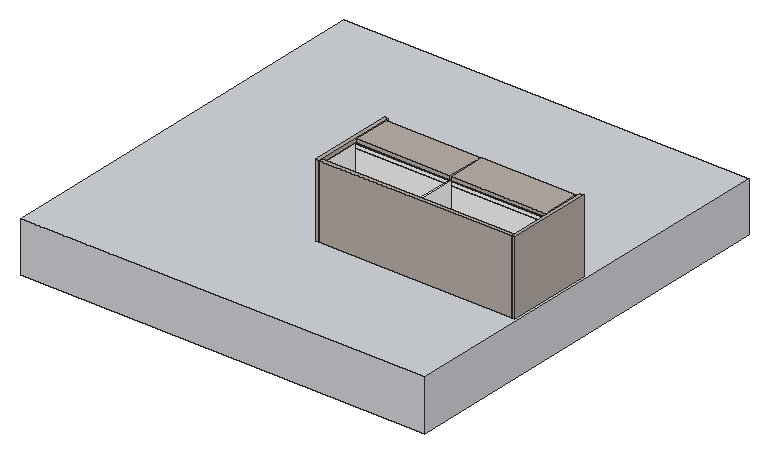
Revit family "IS_ConceptAir_Multiproduct_BIM_GB_E0826;E0827;E0828;E0829", category Plumbing Fixtures, host Face, Revit 2014
Parameters (values of type "E0829PS - 120CM Wall Hung Vanity Unit 2 Drawer with open shelf Wood Light Grey + Matt White")
  WaterEfficientProduct = no
  WarrantyStartDate [instance] = "1900-12-31T23:59:59"
  WarrantyGuarantorParts = "Productinfo@thebluebook.co.uk"
  WarrantyGuarantorLabor = "n/a"
  WarrantyDurationUnit = "year"
  WarrantyDurationParts = "5"
  WarrantyDurationLabor = "n/a"
  WarrantyDescription = "Manufacturers warranty"
  WRAS = no
  WFU = 0
  VolumeUnits = "Litres"
  Version = "1"
  Uniclass2 = "Pr_40_30_78_04"
  URL = "www.idealspec.co.uk"
  TagNumber [instance] = "n/a"
  TMV3 = no
  SustainabilityPerformance = "n/a"
  Style = "n/a"
  SpareParts = "www.fastpart-spares.co.uk"
  Space = "Internal"
  Size = "517 x 440 x 1200 mm"
  Shape = "Rectangular"
  SerialNumber [instance] = "n/a"
  Revision = "n/a"
  ReplacementCost = "n/a"
  ProductInformation = "www.idealspec.co.uk/assets/datasheet/E0829PS"
  Phone = "01482 346461"
  NominalWidth = 1200 mm
  NominalLength = 440 mm
  NominalHeight = 517 mm
  NominalDepth = 440 mm
  NettWeight = "0 Kg"
  Name = "Furniture_ConceptAir_E0829PS_IdealStandard"
  NBSTypeID = "n/a"
  NBSReference = "45-35-72/320"
  NBSOfficeMasterTag = "n/a"
  NBSNote = "n/a"
  NBSDescription = "Bathroom integrated duct work"
  NBSCertification = "n/a"
  ModelReference = Description  # "Concept Air 120 cm Wall Hung Vanity Unit 2 Drawer with open shelf Wood Light Grey + Matt White"
  ModelNumber = Model  # "E0829PS"
  Model = "E0829PS"
  Material = "Laquered MDF"
  ManufacturerURL = "www.idealspec.co.uk"
  Manufacturer = "Productinfo@thebluebook.co.uk"
  MainColour = ISI_IdealStandard_Furniture_WoodLightGrey_Render
  MainColor = Color  # "Wood grey"
  LinearUnits = "millimeters"
  Keynote = "n/a"
  InstallationInstructions = "www.idealspec.co.uk/resources.html"
  InstallationDate [instance] = "1900-12-31T23:59:59"
  InnerColour = ISI_IdealStandard_Laminate_White_Render
  IfcExportType = "USERDEFINED"
  IfcExportAs = "IfcFurnitureType"
  HWFU = 0
  GrossWeight = "n/a"
  Grade = "n/a"
  Finish = Color  # "Wood grey"
  Features = "120 cm Wall Hung Vanity Unit 2 Drawer with open shelf Wood Light Grey + Matt White"
  ExpectedLife = "30"
  ECA = no
  DurationUnit = "year"
  DistributedBy = "n/a"
  Description = "Concept Air 120 cm Wall Hung Vanity Unit 2 Drawer with open shelf Wood Light Grey + Matt White"
  Default Elevation = 800 mm
  CurrencyUnit = "n/a"
  CreatedOn = "2016-02-03"
  Cost = 0
  Constituents = "n/a"
  Color = "Wood grey"
  CodePerformance = "n/a"
  CWFU = 0
  Brand = "IdealStandard"
  BarCode [instance] = "n/a"
  BREEAM = no
  BIMObjectName = "ISI_IdealStandard_Furniture_ConceptAir_E0829PS"
  Author = "Ideal Standard"
  AssetType = "Fixed"
  AssetIdentifier [instance] = "n/a"
  Assembly Code = "C1030200"
  AreaUnits = "millimeters"
  AreaMeasurement = "n/a"
  Accessories = "www.idealspec.co.uk"
  AccessibilityPerformance = "n/a"
  2Drawer = not([1Drawer])  # yes
  1Drawer = no
Types (24, lengths in mm): name | Size | ProductInformation | NominalWidth | Name | ModelReference | ModelNumber | Model | MainColour | MainColor | InnerColour | Finish | Features | Description | Color | BIMObjectName | 2Drawer | 1Drawer
  E0828B2 - 100CM Wall Hung Vanity Unit 1 Drawer with open shelf Gls White + Matt White | "517 x 440 x 1000 mm" | "www.idealspec.co.uk/assets/datasheet/E0828B2" | 1000 | "Furniture_ConceptAir_E0828B2_IdealStandard" | "Concept Air 100 cm Wall Hung Vanity Unit 1 Drawer with open shelf Gls White + Matt White" | "E0828B2" | "E0828B2" | ISI_IdealStandard_Laminate_White_Render | "White" | ISI_IdealStandard_Laminate_White_Render | "White" | "100 cm Wall Hung Vanity Unit 1 Drawer with open shelf Gls White + Matt White" | "Concept Air 100 cm Wall Hung Vanity Unit 1 Drawer with open shelf Gls White + Matt White" | "White" | "ISI_IdealStandard_Furniture_ConceptAir_E0828B2" | no | yes
  E0828UK - 100CM Wall Hung Vanity Unit 1 Drawer with open shelf Wood Light Brown + Matt Light Brown | "517 x 440 x 1000 mm" | "www.idealspec.co.uk/assets/datasheet/E0828UK" | 1000 | "Furniture_ConceptAir_E0828UK_IdealStandard" | "Concept Air 100 cm Wall Hung Vanity Unit 1 Drawer with open shelf Wood Light Brown + Matt Light Brown" | "E0828UK" | "E0828UK" | ISI_IdealStandard_Furniture_WoodLightBrown_Render | "Wood brown" | ISI_IdealStandard_Furniture_WoodLightBrown_Render | "Wood brown" | "100 cm Wall Hung Vanity Unit 1 Drawer with open shelf Wood Light Brown + Matt Light Brown" | "Concept Air 100 cm Wall Hung Vanity Unit 1 Drawer with open shelf Wood Light Brown + Matt Light Brown" | "Wood brown" | "ISI_IdealStandard_Furniture_ConceptAir_E0828UK" | no | yes
  E0828PS - 100CM Wall Hung Vanity Unit 1 Drawer with open shelf Wood Light Grey + Matt White | "517 x 440 x 1000 mm" | "www.idealspec.co.uk/assets/datasheet/E0828PS" | 1000 | "Furniture_ConceptAir_E0828PS_IdealStandard" | "Concept Air 100 cm Wall Hung Vanity Unit 1 Drawer with open shelf Wood Light Grey + Matt White" | "E0828PS" | "E0828PS" | ISI_IdealStandard_Furniture_WoodLightGrey_Render | "Wood grey" | ISI_IdealStandard_Laminate_White_Render | "Wood grey" | "100 cm Wall Hung Vanity Unit 1 Drawer with open shelf Wood Light Grey + Matt White" | "Concept Air 100 cm Wall Hung Vanity Unit 1 Drawer with open shelf Wood Light Grey + Matt White" | "Wood grey" | "ISI_IdealStandard_Furniture_ConceptAir_E0828PS" | no | yes
  E0828KN - 100CM Wall Hung Vanity Unit 1 Drawer with open shelf Gls White + Matt Light Grey | "517 x 440 x 1000 mm" | "www.idealspec.co.uk/assets/datasheet/E0828KN" | 1000 | "Furniture_ConceptAir_E0828KN_IdealStandard" | "Concept Air 100 cm Wall Hung Vanity Unit 1 Drawer with open shelf Gls White + Matt Light Grey" | "E0828KN" | "E0828KN" | ISI_IdealStandard_Laminate_White_Render | "White" | ISI_IdealStandard_Furniture_Grey_Render | "White" | "100 cm Wall Hung Vanity Unit 1 Drawer with open shelf Gls White + Matt Light Grey" | "Concept Air 100 cm Wall Hung Vanity Unit 1 Drawer with open shelf Gls White + Matt Light Grey" | "White" | "ISI_IdealStandard_Furniture_ConceptAir_E0828KN" | no | yes
  E0827EQ - 80CM Wall Hung Vanity Unit 1 Drawer with open shelf Gls Light Grey + Matt White | "517 x 440 x 800 mm" | "www.idealspec.co.uk/assets/datasheet/E0827EQ" | 800 | "Furniture_ConceptAir_E0827EQ_IdealStandard" | "Concept Air 80 cm Wall Hung Vanity Unit 1 Drawer with open shelf Gls Light Grey + Matt White" | "E0827EQ" | "E0827EQ" | ISI_IdealStandard_Furniture_Grey_Render | "Grey" | ISI_IdealStandard_Laminate_White_Render | "Grey" | "80 cm Wall Hung Vanity Unit 1 Drawer with open shelf Gls Light Grey + Matt White" | "Concept Air 80 cm Wall Hung Vanity Unit 1 Drawer with open shelf Gls Light Grey + Matt White" | "Grey" | "ISI_IdealStandard_Furniture_ConceptAir_E0827EQ" | no | yes
  E0827UK - 80CM Wall Hung Vanity Unit 1 Drawer with open shelf Wood Light Brown + Matt Light Brown | "517 x 440 x 800 mm" | "www.idealspec.co.uk/assets/datasheet/E0827UK" | 800 | "Furniture_ConceptAir_E0827UK_IdealStandard" | "Concept Air 80 cm Wall Hung Vanity Unit 1 Drawer with open shelf Wood Light Brown + Matt Light Brown" | "E0827UK" | "E0827UK" | ISI_IdealStandard_Furniture_WoodLightBrown_Render | "Wood brown" | ISI_IdealStandard_Furniture_WoodLightBrown_Render | "Wood brown" | "80 cm Wall Hung Vanity Unit 1 Drawer with open shelf Wood Light Brown + Matt Light Brown" | "Concept Air 80 cm Wall Hung Vanity Unit 1 Drawer with open shelf Wood Light Brown + Matt Light Brown" | "Wood brown" | "ISI_IdealStandard_Furniture_ConceptAir_E0827UK" | no | yes
  E0827PS - 80CM Wall Hung Vanity Unit 1 Drawer with open shelf Wood Light Grey + Matt White | "517 x 440 x 800 mm" | "www.idealspec.co.uk/assets/datasheet/E0827PS" | 800 | "Furniture_ConceptAir_E0827PS_IdealStandard" | "Concept Air 80 cm Wall Hung Vanity Unit 1 Drawer with open shelf Wood Light Grey + Matt White" | "E0827PS" | "E0827PS" | ISI_IdealStandard_Furniture_WoodLightGrey_Render | "Wood grey" | ISI_IdealStandard_Laminate_White_Render | "Wood grey" | "80 cm Wall Hung Vanity Unit 1 Drawer with open shelf Wood Light Grey + Matt White" | "Concept Air 80 cm Wall Hung Vanity Unit 1 Drawer with open shelf Wood Light Grey + Matt White" | "Wood grey" | "ISI_IdealStandard_Furniture_ConceptAir_E0827PS" | no | yes
  E0827KN - 80CM Wall Hung Vanity Unit 1 Drawer with open shelf Gls White + Matt Light Grey | "517 x 440 x 800 mm" | "www.idealspec.co.uk/assets/datasheet/E0827KN" | 800 | "Furniture_ConceptAir_E0827KN_IdealStandard" | "Concept Air 80 cm Wall Hung Vanity Unit 1 Drawer with open shelf Gls White + Matt Light Grey" | "E0827KN" | "E0827KN" | ISI_IdealStandard_Laminate_White_Render | "White" | ISI_IdealStandard_Furniture_Grey_Render | "White" | "80 cm Wall Hung Vanity Unit 1 Drawer with open shelf Gls White + Matt Light Grey" | "Concept Air 80 cm Wall Hung Vanity Unit 1 Drawer with open shelf Gls White + Matt Light Grey" | "White" | "ISI_IdealStandard_Furniture_ConceptAir_E0827KN" | no | yes
  E0828EQ - 100CM Wall Hung Vanity Unit 1 Drawer with open shelf Gls Light Grey + Matt White | "517 x 440 x 1000 mm" | "www.idealspec.co.uk/assets/datasheet/E0828EQ" | 1000 | "Furniture_ConceptAir_E0828EQ_IdealStandard" | "Concept Air 100 cm Wall Hung Vanity Unit 1 Drawer with open shelf Gls Light Grey + Matt White" | "E0828EQ" | "E0828EQ" | ISI_IdealStandard_Furniture_Grey_Render | "Grey" | ISI_IdealStandard_Laminate_White_Render | "Grey" | "100 cm Wall Hung Vanity Unit 1 Drawer with open shelf Gls Light Grey + Matt White" | "Concept Air 100 cm Wall Hung Vanity Unit 1 Drawer with open shelf Gls Light Grey + Matt White" | "Grey" | "ISI_IdealStandard_Furniture_ConceptAir_E0828EQ" | no | yes
  E0827B2 - 80CM Wall Hung Vanity Unit 1 Drawer with open shelf Gls White + Matt White | "517 x 440 x 800 mm" | "www.idealspec.co.uk/assets/datasheet/E0827B2" | 800 | "Furniture_ConceptAir_E0827B2_IdealStandard" | "Concept Air 80 cm Wall Hung Vanity Unit 1 Drawer with open shelf Gls White + Matt White" | "E0827B2" | "E0827B2" | ISI_IdealStandard_Laminate_White_Render | "White" | ISI_IdealStandard_Laminate_White_Render | "White" | "80 cm Wall Hung Vanity Unit 1 Drawer with open shelf Gls White + Matt White" | "Concept Air 80 cm Wall Hung Vanity Unit 1 Drawer with open shelf Gls White + Matt White" | "White" | "ISI_IdealStandard_Furniture_ConceptAir_E0827B2" | no | yes
  E0826UK - 60CM Wall Hung Vanity Unit 1 Drawer with open shelf Wood Light Brown + Matt Light Brown | "517 x 440 x 600 mm" | "www.idealspec.co.uk/assets/datasheet/E0826UK" | 600 | "Furniture_ConceptAir_E0826UK_IdealStandard" | "Concept Air 60 cm Wall Hung Vanity Unit 1 Drawer with open shelf Wood Light Brown + Matt Light Brown" | "E0826UK" | "E0826UK" | ISI_IdealStandard_Furniture_WoodLightBrown_Render | "Wood brown" | ISI_IdealStandard_Furniture_WoodLightBrown_Render | "Wood brown" | "60 cm Wall Hung Vanity Unit 1 Drawer with open shelf Wood Light Brown + Matt Light Brown" | "Concept Air 60 cm Wall Hung Vanity Unit 1 Drawer with open shelf Wood Light Brown + Matt Light Brown" | "Wood brown" | "ISI_IdealStandard_Furniture_ConceptAir_E0826UK" | no | yes
  E0826PS - 60CM Wall Hung Vanity Unit 1 Drawer with open shelf Wood Light Grey + Matt White | "517 x 440 x 600 mm" | "www.idealspec.co.uk/assets/datasheet/E0826PS" | 600 | "Furniture_ConceptAir_E0826PS_IdealStandard" | "Concept Air 60 cm Wall Hung Vanity Unit 1 Drawer with open shelf Wood Light Grey + Matt White" | "E0826PS" | "E0826PS" | ISI_IdealStandard_Furniture_WoodLightGrey_Render | "Wood grey" | ISI_IdealStandard_Laminate_White_Render | "Wood grey" | "60 cm Wall Hung Vanity Unit 1 Drawer with open shelf Wood Light Grey + Matt White" | "Concept Air 60 cm Wall Hung Vanity Unit 1 Drawer with open shelf Wood Light Grey + Matt White" | "Wood grey" | "ISI_IdealStandard_Furniture_ConceptAir_E0826PS" | no | yes
  E0826KN - 60CM Wall Hung Vanity Unit 1 Drawer with open shelf Gls White + Matt Light Grey | "517 x 440 x 600 mm" | "www.idealspec.co.uk/assets/datasheet/E0826KN" | 600 | "Furniture_ConceptAir_E0826KN_IdealStandard" | "Concept Air 60 cm Wall Hung Vanity Unit 1 Drawer with open shelf Gls White + Matt Light Grey" | "E0826KN" | "E0826KN" | ISI_IdealStandard_Laminate_White_Render | "White" | ISI_IdealStandard_Furniture_Grey_Render | "White" | "60 cm Wall Hung Vanity Unit 1 Drawer with open shelf Gls White + Matt Light Grey" | "Concept Air 60 cm Wall Hung Vanity Unit 1 Drawer with open shelf Gls White + Matt Light Grey" | "White" | "ISI_IdealStandard_Furniture_ConceptAir_E0826KN" | no | yes
  E0826EQ - 60CM Wall Hung Vanity Unit 1 Drawer with open shelf Gls Light Grey + Matt White | "517 x 440 x 600 mm" | "www.idealspec.co.uk/assets/datasheet/E0826EQ" | 600 | "Furniture_ConceptAir_E0826EQ_IdealStandard" | "Concept Air 60 cm Wall Hung Vanity Unit 1 Drawer with open shelf Gls Light Grey + Matt White" | "E0826EQ" | "E0826EQ" | ISI_IdealStandard_Furniture_Grey_Render | "Grey" | ISI_IdealStandard_Laminate_White_Render | "Grey" | "60 cm Wall Hung Vanity Unit 1 Drawer with open shelf Gls Light Grey + Matt White" | "Concept Air 60 cm Wall Hung Vanity Unit 1 Drawer with open shelf Gls Light Grey + Matt White" | "Grey" | "ISI_IdealStandard_Furniture_ConceptAir_E0826EQ" | no | yes
  E0826B2 - 60CM Wall Hung Vanity Unit 1 Drawer with open shelf Gls White + Matt White | "517 x 440 x 600 mm" | "www.idealspec.co.uk/assets/datasheet/E0826B2" | 600 | "Furniture_ConceptAir_E0826B2_IdealStandard" | "Concept Air 60 cm Wall Hung Vanity Unit 1 Drawer with open shelf Gls White + Matt White" | "E0826B2" | "E0826B2" | ISI_IdealStandard_Laminate_White_Render | "White" | ISI_IdealStandard_Laminate_White_Render | "White" | "60 cm Wall Hung Vanity Unit 1 Drawer with open shelf Gls White + Matt White" | "Concept Air 60 cm Wall Hung Vanity Unit 1 Drawer with open shelf Gls White + Matt White" | "White" | "ISI_IdealStandard_Furniture_ConceptAir_E0826B2" | no | yes
  E0829B2 - 120CM Wall Hung Vanity Unit 2 Drawer with open shelf Gls White + Matt White | "517 x 440 x 1200 mm" | "www.idealspec.co.uk/assets/datasheet/E0829B2" | 1200 | "Furniture_ConceptAir_E0829B2_IdealStandard" | "Concept Air 120 cm Wall Hung Vanity Unit 2 Drawer with open shelf Gls White + Matt White" | "E0829B2" | "E0829B2" | ISI_IdealStandard_Laminate_White_Render | "White" | ISI_IdealStandard_Laminate_White_Render | "White" | "120 cm Wall Hung Vanity Unit 2 Drawer with open shelf Gls White + Matt White" | "Concept Air 120 cm Wall Hung Vanity Unit 2 Drawer with open shelf Gls White + Matt White" | "White" | "ISI_IdealStandard_Furniture_ConceptAir_E0829B2" | yes | no
  E0829EQ - 120CM Wall Hung Vanity Unit 2 Drawer with open shelf Gls Light Grey + Matt White | "517 x 440 x 1200 mm" | "www.idealspec.co.uk/assets/datasheet/E0829EQ" | 1200 | "Furniture_ConceptAir_E0829EQ_IdealStandard" | "Concept Air 120 cm Wall Hung Vanity Unit 2 Drawer with open shelf Gls Light Grey + Matt White" | "E0829EQ" | "E0829EQ" | ISI_IdealStandard_Furniture_Grey_Render | "Grey" | ISI_IdealStandard_Laminate_White_Render | "Grey" | "120 cm Wall Hung Vanity Unit 2 Drawer with open shelf Gls Light Grey + Matt White" | "Concept Air 120 cm Wall Hung Vanity Unit 2 Drawer with open shelf Gls Light Grey + Matt White" | "Grey" | "ISI_IdealStandard_Furniture_ConceptAir_E0829EQ" | yes | no
  E0829KN - 120CM Wall Hung Vanity Unit 2 Drawer with open shelf Gls White + Matt Light Grey | "517 x 440 x 1200 mm" | "www.idealspec.co.uk/assets/datasheet/E0829KN" | 1200 | "Furniture_ConceptAir_E0829KN_IdealStandard" | "Concept Air 120 cm Wall Hung Vanity Unit 2 Drawer with open shelf Gls White + Matt Light Grey" | "E0829KN" | "E0829KN" | ISI_IdealStandard_Laminate_White_Render | "White" | ISI_IdealStandard_Furniture_Grey_Render | "White" | "120 cm Wall Hung Vanity Unit 2 Drawer with open shelf Gls White + Matt Light Grey" | "Concept Air 120 cm Wall Hung Vanity Unit 2 Drawer with open shelf Gls White + Matt Light Grey" | "White" | "ISI_IdealStandard_Furniture_ConceptAir_E0829KN" | yes | no
  E0829PS - 120CM Wall Hung Vanity Unit 2 Drawer with open shelf Wood Light Grey + Matt White | "517 x 440 x 1200 mm" | "www.idealspec.co.uk/assets/datasheet/E0829PS" | 1200 | "Furniture_ConceptAir_E0829PS_IdealStandard" | "Concept Air 120 cm Wall Hung Vanity Unit 2 Drawer with open shelf Wood Light Grey + Matt White" | "E0829PS" | "E0829PS" | ISI_IdealStandard_Furniture_WoodLightGrey_Render | "Wood grey" | ISI_IdealStandard_Laminate_White_Render | "Wood grey" | "120 cm Wall Hung Vanity Unit 2 Drawer with open shelf Wood Light Grey + Matt White" | "Concept Air 120 cm Wall Hung Vanity Unit 2 Drawer with open shelf Wood Light Grey + Matt White" | "Wood grey" | "ISI_IdealStandard_Furniture_ConceptAir_E0829PS" | yes | no
  E0829UK - 120CM Wall Hung Vanity Unit 2 Drawer with open shelf Wood Light Brown + Matt Light Brown | "517 x 440 x 1200 mm" | "www.idealspec.co.uk/assets/datasheet/E0829UK" | 1200 | "Furniture_ConceptAir_E0829UK_IdealStandard" | "Concept Air 120 cm Wall Hung Vanity Unit 2 Drawer with open shelf Wood Light Brown + Matt Light Brown" | "E0829UK" | "E0829UK" | ISI_IdealStandard_Furniture_WoodLightBrown_Render | "Wood brown" | ISI_IdealStandard_Furniture_WoodLightBrown_Render | "Wood brown" | "120 cm Wall Hung Vanity Unit 2 Drawer with open shelf Wood Light Brown + Matt Light Brown" | "Concept Air 120 cm Wall Hung Vanity Unit 2 Drawer with open shelf Wood Light Brown + Matt Light Brown" | "Wood brown" | "ISI_IdealStandard_Furniture_ConceptAir_E0829UK" | yes | no
  E0829VY - 120CM Wall Hung Vanity Unit 2 Drawer with open shelf Matt Dark Brown + Matt White | "517 x 440 x 1200 mm" | "www.idealspec.co.uk/assets/datasheet/E0829VY" | 1200 | "Furniture_ConceptAir_E0829VY_IdealStandard" | "Concept Air 120 cm Wall Hung Vanity Unit 2 Drawer with open shelf Gls Dark Brown + Matt White" | "E0829VY" | "E0829VY" | ISI_IdealStandard_Furniture_DarkBrown_Render | "Dark brown" | ISI_IdealStandard_Laminate_White_Render | "Dark brown" | "120 cm Wall Hung Vanity Unit 2 Drawer with open shelf Matt Dark Brown + Matt White" | "Concept Air 120 cm Wall Hung Vanity Unit 2 Drawer with open shelf Matt Dark Brown + Matt White" | "Dark brown" | "ISI_IdealStandard_Furniture_ConceptAir_E0829VY" | yes | no
  E0826VY - 60CM Wall Hung Vanity Unit 1 Drawer with open shelf Matt Dark Brown + Matt White | "517 x 440 x 600 mm" | "www.idealspec.co.uk/assets/datasheet/E0826VY" | 600 | "Furniture_ConceptAir_E0826VY_IdealStandard" | "Concept Air 60 cm Wall Hung Vanity Unit 1 Drawer with open shelf Gls Dark Brown + Matt White" | "E0826VY" | "E0826VY" | ISI_IdealStandard_Furniture_DarkBrown_Render | "Dark brown" | ISI_IdealStandard_Laminate_White_Render | "Dark brown" | "60 cm Wall Hung Vanity Unit 1 Drawer with open shelf Matt Dark Brown + Matt White" | "Concept Air 60 cm Wall Hung Vanity Unit 1 Drawer with open shelf Matt Dark Brown + Matt White" | "Dark brown" | "ISI_IdealStandard_Furniture_ConceptAir_E0826VY" | no | yes
  E0827VY - 80CM Wall Hung Vanity Unit 1 Drawer with open shelf Matt Dark Brown + Matt White | "517 x 440 x 800 mm" | "www.idealspec.co.uk/assets/datasheet/E0827VY" | 800 | "Furniture_ConceptAir_E0827VY_IdealStandard" | "Concept Air 80 cm Wall Hung Vanity Unit 1 Drawer with open shelf Gls Dark Brown + Matt White" | "E0827VY" | "E0827VY" | ISI_IdealStandard_Furniture_DarkBrown_Render | "Dark brown" | ISI_IdealStandard_Laminate_White_Render | "Dark brown" | "80 cm Wall Hung Vanity Unit 1 Drawer with open shelf Matt Dark Brown + Matt White" | "Concept Air 80 cm Wall Hung Vanity Unit 1 Drawer with open shelf Matt Dark Brown + Matt White" | "Dark brown" | "ISI_IdealStandard_Furniture_ConceptAir_E0827VY" | no | yes
  E0828VY - 100CM Wall Hung Vanity Unit 1 Drawer with open shelf Matt Dark Brown + Matt White | "517 x 440 x 1000 mm" | "www.idealspec.co.uk/assets/datasheet/E0828VY" | 1000 | "Furniture_ConceptAir_E0828VY_IdealStandard" | "Concept Air 100 cm Wall Hung Vanity Unit 1 Drawer with open shelf Gls Dark Brown + Matt White" | "E0828VY" | "E0828VY" | ISI_IdealStandard_Furniture_DarkBrown_Render | "Dark brown" | ISI_IdealStandard_Laminate_White_Render | "Dark brown" | "100 cm Wall Hung Vanity Unit 1 Drawer with open shelf Matt Dark Brown + Matt White" | "Concept Air 100 cm Wall Hung Vanity Unit 1 Drawer with open shelf Matt Dark Brown + Matt White" | "Dark brown" | "ISI_IdealStandard_Furniture_ConceptAir_E0828VY" | no | yes
Reference planes
  plane 1 "Center (Front/Back)": y = 0
  plane 2: z = 0
  plane 3 "Center (Left/Right)": x = 0
  plane 4: x = 1200
  plane 5: y = -517
  plane 6: z = 440
  plane 7: z = 420
  plane 8: x = 20
  plane 9: x = 1180
  plane 10: y = -497
  plane 11: x = 30
  plane 12: x = 1170
  plane 13: y = -477
  plane 14: y = -238.5
  plane 15: y = -258.5
  plane 16: y = -20
  plane 17: z = 400
  plane 18: y = -248.5
  plane 19: x = 600
  plane 20: x = 595
  plane 21: x = 605
Forms (mm)
  Extrusion 1, solid
    sketch origin (0, 0, 0) x (1, 0, 0) y (0, 1, 0)
      loop
        line (-1219.2, 1219.2) -> (-1219.2, -1219.2) -> (1219.2, -1219.2) -> (1219.2, 1219.2) -> (-1219.2, 1219.2)
    from 0 to -304.8
  Extrusion 2, solid, material "ISI_IdealStandard_Furniture_WoodLightGrey_Render" <- "MainColour"
    sketch origin (-1524, -517, 1219.2) x (-1, 0, 0) y (0, 0, 1)
      loop
        line (-2724, -1219.2) -> (-2704, -1219.2) -> (-2704, -779.2) -> (-2724, -779.2) -> (-2724, -1219.2)
      loop
        line (-1544, -779.2) -> (-1544, -1219.2) -> (-1524, -1219.2) -> (-1524, -779.2) -> (-1544, -779.2)
    from 0 to 517
  Extrusion 3, solid, material "ISI_IdealStandard_Furniture_WoodLightGrey_Render" <- "MainColour"
    sketch origin (-1524, -517, 1219.2) x (-1, 0, 0) y (0, 0, 1)
      loop
        line (-2704, -779.2) -> (-2704, -1219.2) -> (-1544, -1219.2) -> (-1544, -779.2) -> (-2704, -779.2)
    from 0 to 20
  Extrusion 4, solid, material "ISI_IdealStandard_Laminate_White_Render" <- "InnerColour"
    sketch origin (-1524, -497, 1219.2) x (-1, 0, 0) y (0, 0, 1)
      loop
        line (-2694, -799.2) -> (-2694, -819.2) -> (-1554, -819.2) -> (-1554, -799.2) -> (-2694, -799.2)
    from 238.5 to 497
  Extrusion 5, solid, material "ISI_IdealStandard_Furniture_WoodLightGrey_Render" <- "MainColour", visible <- "1Drawer"
    sketch origin (30, 1524, 1219.2) x (0, 1, 0) y (0, 0, 1)
      loop
        line (-1772.5, -799.2) -> (-1564, -799.2) -> (-1544, -779.2) -> (-1772.5, -779.2) -> (-1772.5, -799.2)
    from 0 to 1140
  Extrusion 6, solid, material "ISI_IdealStandard_Laminate_White_Render" <- "InnerColour"
    sketch origin (0, 1465.263, 420) x (0, 1, 0) y (-1, 0, 0)
      loop
        line (-1465.263, -30) -> (-1465.263, -20) -> (-1962.263, -20) -> (-1962.263, -1180) -> (-1465.263, -1180) -> (-1465.263, -1170) -> (-1942.263, -1170) -> (-1942.263, -30) -> (-1465.263, -30)
    from 0 to -420
  Extrusion 7, solid, material "ISI_IdealStandard_Furniture_WoodLightGrey_Render" <- "MainColour", visible <- "2Drawer"
    sketch origin (30, 1524, 1219.2) x (0, 1, 0) y (0, 0, 1)
      loop
        line (-1772.5, -799.2) -> (-1564, -799.2) -> (-1544, -779.2) -> (-1772.5, -779.2) -> (-1772.5, -799.2)
    from 0 to 565
  Extrusion 8, solid, material "ISI_IdealStandard_Furniture_WoodLightGrey_Render" <- "MainColour", visible <- "2Drawer"
    sketch origin (30, 1434, 1219.2) x (0, 1, 0) y (0, 0, 1)
      loop
        line (-1682.5, -799.2) -> (-1474, -799.2) -> (-1454, -779.2) -> (-1682.5, -779.2) -> (-1682.5, -799.2)
    from 575 to 1140
  Extrusion 9, solid, material "ISI_IdealStandard_Laminate_White_Render" <- "InnerColour", visible <- "2Drawer"
    sketch origin (0, 1465.263, 420) x (0, 1, 0) y (-1, 0, 0)
      loop
        line (-1723.763, -595) -> (-1942.263, -595) -> (-1942.263, -605) -> (-1723.763, -605) -> (-1723.763, -595)
    from 0 to -420
  Extrusion 10, solid, material "ISI_IdealStandard_Laminate_White_Render" <- "InnerColour"
    sketch origin (0, 1465.263, 420) x (0, 1, 0) y (-1, 0, 0)
      loop
        line (-1723.763, -30) -> (-1723.763, -1170) -> (-1713.763, -1170) -> (-1713.763, -30) -> (-1723.763, -30)
    from -20 to -420
Dimensions and locks
  "NominalHeight": plane 1 "Center (Front/Back)" to plane 5
  "NominalWidth": plane 3 "Center (Left/Right)" to plane 4
  "NominalDepth": plane 6 to plane 2
  locked: plane 6 to plane 7 at 20
  locked: plane 3 "Center (Left/Right)" to plane 8 at 20
  locked: plane 9 to plane 4 at 20
  locked: plane 8 to plane 11 at 10
  locked: plane 12 to plane 9 at 10
  locked: plane 7 to plane 17 at 20
  plane 3 "Center (Left/Right)" to plane 4 = 1200 mm
  locked: plane 16 to plane 1 "Center (Front/Back)" at 20
  plane 13 to plane 10 to plane 5 = 20 mm locked, 20 mm locked
  equal spacing: plane 16, plane 18, plane 13
  plane 15 to plane 18 to plane 14 = 10 mm, 10 mm
  plane 1 "Center (Front/Back)" to Extrusion 6 = 497 mm
  equal spacing: plane 3 "Center (Left/Right)", plane 19, plane 4
  plane 20 to plane 19 to plane 21 = 5 mm locked, 5 mm locked
  aligned and locked: plane 2 to Extrusion 1
  aligned and locked: level to Extrusion 1
  aligned and locked: plane 4 to Extrusion 2 sketch curve
  aligned and locked: plane 6 to Extrusion 2 sketch curve
  aligned and locked: Extrusion 2 sketch curve to plane 9
  aligned and locked: Extrusion 2 sketch curve to plane 6
  aligned and locked: Extrusion 2 sketch curve to plane 8
  aligned and locked: Extrusion 1 to Extrusion 2 sketch curve
  aligned and locked: plane 3 "Center (Left/Right)" to Extrusion 2 sketch curve
  aligned and locked: Extrusion 2 to plane 1 "Center (Front/Back)"
  aligned and locked: Extrusion 2 to plane 5
  aligned and locked: Extrusion 3 sketch curve to Extrusion 2  (x4)
  aligned and locked: plane 10 to Extrusion 3
  aligned and locked: Extrusion 3 to plane 5
  aligned and locked: Extrusion 4 sketch curve to plane 7
  aligned and locked: plane 17 to Extrusion 4 sketch curve
  aligned and locked: Extrusion 5 to plane 18
  aligned and locked: plane 12 to Extrusion 5
  aligned and locked: plane 12 to Extrusion 4
  aligned and locked: Extrusion 6 sketch curve to plane 10
  aligned and locked: plane 9 to Extrusion 6 sketch curve
  aligned and locked: plane 8 to Extrusion 6 sketch curve
  aligned and locked: plane 11 to Extrusion 6 sketch curve
  aligned and locked: Extrusion 6 sketch curve to plane 13
  aligned and locked: Extrusion 6 sketch curve to plane 12
  aligned and locked: Extrusion 6 sketch curve to plane 1 "Center (Front/Back)"  (x2)
  aligned and locked: Extrusion 6 to level
  aligned and locked: plane 7 to Extrusion 6
  aligned and locked: plane 6 to Extrusion 7
  aligned and locked: Extrusion 7 to plane 18
  aligned and locked: Extrusion 7 to plane 7
  aligned and locked: plane 20 to Extrusion 7
  aligned and locked: Extrusion 7 to plane 11
  aligned and locked: Extrusion 8 to plane 21
  aligned and locked: plane 12 to Extrusion 8
  aligned and locked: Extrusion 8 to plane 18
  aligned and locked: Extrusion 2 to Extrusion 7
  aligned and locked: Extrusion 7 to Extrusion 4
  aligned and locked: Extrusion 9 sketch curve to plane 15
  aligned and locked: plane 20 to Extrusion 9 sketch curve
  aligned and locked: Extrusion 9 sketch curve to plane 13
  aligned and locked: Extrusion 9 sketch curve to plane 21
  aligned and locked: plane 7 to Extrusion 9
  aligned and locked: Extrusion 10 sketch curve to Extrusion 4
  aligned and locked: Extrusion 4 to Extrusion 10 sketch curve
  aligned and locked: Extrusion 10 sketch curve to Extrusion 5  (x2)
  aligned and locked: Extrusion 10 to level
  aligned and locked: plane 17 to Extrusion 10
Automatic sketch dimensions
  Extrusion 1 sketch curve to Extrusion 1 sketch curve = 2438.4 mm  (x2)
  Extrusion 2 sketch curve to level = 0 mm
  Extrusion 2 sketch curve to plane 6 = 0 mm
  Extrusion 4 sketch curve to plane 12 = 0 mm
  Extrusion 4 sketch curve to plane 11 = 0 mm
  Extrusion 5 sketch curve to plane 6 = 0 mm
  Extrusion 5 sketch curve to plane 18 = 0 mm
  Extrusion 5 sketch curve to plane 7 = 0 mm
  Extrusion 5 sketch curve to plane 16 = 0 mm
  Extrusion 5 sketch curve to plane 16 = 20 mm
  Extrusion 7 sketch curve to plane 6 = 0 mm
  Extrusion 7 sketch curve to plane 18 = 0 mm
  Extrusion 7 sketch curve to plane 7 = 0 mm
  Extrusion 7 sketch curve to plane 16 = 0 mm
  Extrusion 7 sketch curve to plane 16 = 20 mm
  Extrusion 8 sketch curve to plane 6 = 0 mm
  Extrusion 8 sketch curve to plane 7 = 0 mm
  plane 15 to Extrusion 8 sketch curve = 10 mm
  Extrusion 8 sketch curve to plane 14 = 198.5 mm
  Extrusion 8 sketch curve to Extrusion 8 sketch curve = 20 mm
